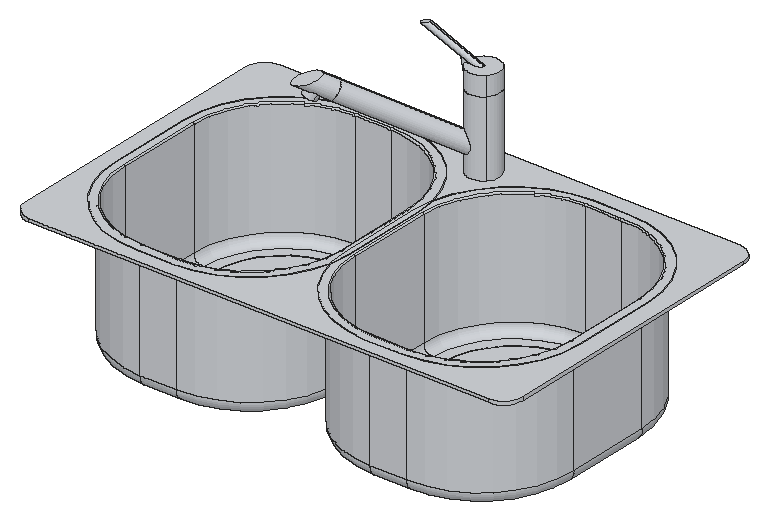
Revit family
Parameters (values of type "780 x 500mm")
  Tap Material = none
  Material = none
  Manufacturer = "Revit"
  Description = "Sink"
  Assembly Code = ""
Reference planes
  plane 1 "Center (Front/Back)": y = 0
  plane 2: z = 0
  plane 3 "Center (Left/Right)": x = 0
  plane 4: z = 850
Forms (mm)
  Extrusion 1, solid
    sketch origin (0, 0, 650) x (1, 0, 0) y (0, 1, 0)
      loop
        line (-395.998, 220.228) -> (-395.998, -219.772)
        arc (-395.998, -219.772) -> (-387.211, -240.985) -> (-365.998, -249.772) r 30
        line (-365.998, -249.772) -> (365.998, -249.772)
        arc (365.998, -249.772) -> (387.211, -240.985) -> (395.998, -219.772) r 30
        line (395.998, -219.772) -> (395.998, 220.228)
        arc (395.998, 220.228) -> (387.211, 241.441) -> (365.998, 250.228) r 30
        line (365.998, 250.228) -> (-365.998, 250.228)
        arc (-365.998, 250.228) -> (-387.211, 241.441) -> (-395.998, 220.228) r 30
      loop
        arc (39.937, 178.66) -> (13.03, 142.527) -> (-2.585, 100.268) r 158
        arc (-2.585, 100.268) -> (-18.201, 142.527) -> (-45.108, 178.66) r 158
        arc (-45.108, 178.66) -> (-96.454, 213.095) -> (-157.084, 225.191) r 158
        line (-157.084, 225.191) -> (-214.885, 225.191)
        arc (-214.885, 225.191) -> (-326.608, 178.914) -> (-372.885, 67.191) r 158
        line (-372.885, 67.191) -> (-372.885, -69.583)
        arc (-372.885, -69.583) -> (-326.608, -181.306) -> (-214.885, -227.583) r 158
        line (-214.885, -227.583) -> (-157.084, -227.583)
        arc (-157.084, -227.583) -> (-96.454, -215.488) -> (-45.108, -181.052) r 158
        arc (-45.108, -181.052) -> (-18.201, -144.919) -> (-2.585, -102.661) r 158
        arc (-2.585, -102.661) -> (13.03, -144.919) -> (39.937, -181.052) r 158
        arc (39.937, -181.052) -> (91.284, -215.488) -> (151.914, -227.583) r 158
        line (151.914, -227.583) -> (209.714, -227.583)
        arc (209.714, -227.583) -> (321.437, -181.306) -> (367.714, -69.583) r 158
        line (367.714, -69.583) -> (367.714, 67.191)
        arc (367.714, 67.191) -> (321.437, 178.914) -> (209.714, 225.191) r 158
        line (209.714, 225.191) -> (151.914, 225.191)
        arc (151.914, 225.191) -> (91.284, 213.095) -> (39.937, 178.66) r 158
    from 195 to 200
  Extrusion 2, solid
    sketch origin (0, 0, 650) x (1, 0, 0) y (0, 1, 0)
      loop
        arc (-325.184, -69.583) -> (-292.878, -147.577) -> (-214.885, -179.883) r 110.3
        line (-214.885, -179.883) -> (-157.084, -179.883)
        arc (-157.084, -179.883) -> (-79.09, -147.577) -> (-46.784, -69.583) r 110.3
        line (-46.784, -69.583) -> (-46.784, 67.191)
        arc (-46.784, 67.191) -> (-79.09, 145.185) -> (-157.084, 177.491) r 110.3
        line (-157.084, 177.491) -> (-214.885, 177.491)
        arc (-214.885, 177.491) -> (-292.878, 145.185) -> (-325.184, 67.191) r 110.3
        line (-325.184, 67.191) -> (-325.184, -69.583)
      loop
        circle (-185.984, 113.214) r 47.433
    from -5 to 0
  Extrusion 3, solid
    sketch origin (366.798, 0, 650) x (1, 0, 0) y (0, 1, 0)
      loop
        arc (-325.184, -69.583) -> (-292.878, -147.577) -> (-214.885, -179.883) r 110.3
        line (-214.885, -179.883) -> (-157.084, -179.883)
        arc (-157.084, -179.883) -> (-79.09, -147.577) -> (-46.784, -69.583) r 110.3
        line (-46.784, -69.583) -> (-46.784, 67.191)
        arc (-46.784, 67.191) -> (-79.09, 145.185) -> (-157.084, 177.491) r 110.3
        line (-157.084, 177.491) -> (-214.885, 177.491)
        arc (-214.885, 177.491) -> (-292.878, 145.185) -> (-325.184, 67.191) r 110.3
        line (-325.184, 67.191) -> (-325.184, -69.583)
      loop
        circle (-185.984, 113.214) r 47.433
    from -5 to 0
  Sweep 4, solid
    path origin (366.798, 0, 650) x (1, 0, 0) y (0, 1, 0)
      loop
        arc (-354.885, -69.583) -> (-313.88, -168.578) -> (-214.885, -209.583) r 140
        line (-214.885, -209.583) -> (-157.084, -209.583)
        arc (-157.084, -209.583) -> (-58.089, -168.578) -> (-17.084, -69.583) r 140
        line (-17.084, -69.583) -> (-17.084, 67.191)
        arc (-17.084, 67.191) -> (-58.089, 166.186) -> (-157.084, 207.191) r 140
        line (-157.084, 207.191) -> (-214.885, 207.191)
        arc (-214.885, 207.191) -> (-313.88, 166.186) -> (-354.885, 67.191) r 140
        line (-354.885, 67.191) -> (-354.885, -69.583)
    profile origin (0, -1.196, 0) x (-1, 0, 0) y (0, 0, 1)
      loop
        line (6.086, 850) -> (-6.925, 850)
        arc (-6.925, 850) -> (-8.331, 849.417) -> (-8.914, 848.011) r 1.989
        line (-8.914, 848.011) -> (-8.914, 665)
        arc (-8.914, 665) -> (-13.307, 654.393) -> (-23.914, 650) r 15
        line (-23.914, 650) -> (-41.614, 650) -> (-41.614, 645) -> (-23.914, 645)
        arc (-23.914, 645) -> (-9.771, 650.858) -> (-3.914, 665) r 20
        line (-3.914, 665) -> (-3.914, 845) -> (6.086, 845) -> (6.086, 850)
  Sweep 5, solid
    path origin (0, 0, 1300) x (1, 0, 0) y (0, 1, 0)
      loop
        arc (-354.885, -69.583) -> (-313.88, -168.578) -> (-214.885, -209.583) r 140
        line (-214.885, -209.583) -> (-157.084, -209.583)
        arc (-157.084, -209.583) -> (-58.089, -168.578) -> (-17.084, -69.583) r 140
        line (-17.084, -69.583) -> (-17.084, 67.191)
        arc (-17.084, 67.191) -> (-58.089, 166.186) -> (-157.084, 207.191) r 140
        line (-157.084, 207.191) -> (-214.885, 207.191)
        arc (-214.885, 207.191) -> (-313.88, 166.186) -> (-354.885, 67.191) r 140
        line (-354.885, 67.191) -> (-354.885, -69.583)
    profile origin (0, -1.196, 0) x (-1, 0, 0) y (0, 0, 1)
      loop
        line (372.885, 850) -> (359.874, 850)
        arc (359.874, 850) -> (358.467, 849.417) -> (357.885, 848.011) r 1.989
        line (357.885, 848.011) -> (357.885, 665)
        arc (357.885, 665) -> (353.491, 654.393) -> (342.885, 650) r 15
        line (342.885, 650) -> (325.184, 650) -> (325.184, 645) -> (342.885, 645)
        arc (342.885, 645) -> (357.027, 650.858) -> (362.885, 665) r 20
        line (362.885, 665) -> (362.885, 845) -> (372.885, 845) -> (372.885, 850)
Lines and regions (mm)
  symbolic lines
    curve 1: line (-365.998, 250, 0) -> (365.998, 250, 0)
    curve 2: arc (365.998, 250, 0) -> (387.211, 241.213, 0) -> (395.998, 220, 0) r 30
    curve 3: line (395.998, 220, 0) -> (395.998, -220, 0)
    curve 4: arc (395.998, -220, 0) -> (387.211, -241.213, 0) -> (365.998, -250, 0) r 30
    curve 5: line (365.998, -250, 0) -> (-365.998, -250, 0)
    curve 6: arc (-365.998, -250, 0) -> (-387.211, -241.213, 0) -> (-395.998, -220, 0) r 30
    curve 7: line (-395.998, -220, 0) -> (-395.998, 220, 0)
    curve 8: arc (-395.998, 220, 0) -> (-387.211, 241.213, 0) -> (-365.998, 250, 0) r 30
    curve 9: line (-365.998, 235, 0) -> (365.998, 235, 0)
    curve 10: arc (365.998, 235, 0) -> (376.605, 230.607, 0) -> (380.998, 220, 0) r 15
    curve 11: line (380.998, 220, 0) -> (380.998, -220, 0)
    curve 12: arc (380.998, -220, 0) -> (376.605, -230.607, 0) -> (365.998, -235, 0) r 15
    curve 13: line (365.998, -235, 0) -> (-365.998, -235, 0)
    curve 14: arc (-365.998, -235, 0) -> (-376.605, -230.607, 0) -> (-380.998, -220, 0) r 15
    curve 15: line (-380.998, -220, 0) -> (-380.998, 220, 0)
    curve 16: arc (-380.998, 220, 0) -> (-376.605, 230.607, 0) -> (-365.998, 235, 0) r 15
    curve 17: arc (-214.885, 225.191, 0) -> (-326.608, 178.914, 0) -> (-372.885, 67.191, 0) r 158
    curve 18: line (-372.885, 67.191, 0) -> (-372.885, -69.583, 0)
    curve 19: arc (-372.885, -69.583, 0) -> (-326.608, -181.306, 0) -> (-214.885, -227.583, 0) r 158
    curve 20: line (-214.885, -227.583, 0) -> (-157.084, -227.583, 0)
    curve 21: arc (-157.084, -227.583, 0) -> (-96.454, -215.488, 0) -> (-45.108, -181.052, 0) r 158
    curve 22: arc (-45.108, -181.052, 0) -> (-2.585, -163.382, 0) -> (39.937, -181.052, 0) r 60
    curve 23: arc (39.937, -181.052, 0) -> (91.284, -215.488, 0) -> (151.914, -227.583, 0) r 158
    curve 24: line (151.914, -227.583, 0) -> (209.714, -227.583, 0)
    curve 25: arc (209.714, -227.583, 0) -> (321.437, -181.306, 0) -> (367.714, -69.583, 0) r 158
    curve 26: line (367.714, -69.583, 0) -> (367.714, 67.191, 0)
    curve 27: arc (367.714, 67.191, 0) -> (321.437, 178.914, 0) -> (209.714, 225.191, 0) r 158
    curve 28: line (209.714, 225.191, 0) -> (151.914, 225.191, 0)
    curve 29: arc (151.914, 225.191, 0) -> (91.284, 213.095, 0) -> (39.937, 178.66, 0) r 158
    curve 30: arc (39.937, 178.66, 0) -> (-2.585, 160.99, 0) -> (-45.108, 178.66, 0) r 60
    curve 31: arc (-45.108, 178.66, 0) -> (-96.454, 213.095, 0) -> (-157.084, 225.191, 0) r 158
    curve 32: line (-157.084, 225.191, 0) -> (-214.885, 225.191, 0)
    curve 33: arc (-214.885, 207.191, 0) -> (-313.88, 166.186, 0) -> (-354.885, 67.191, 0) r 140
    curve 34: line (-354.885, 67.191, 0) -> (-354.885, -69.583, 0)
    curve 35: arc (-354.885, -69.583, 0) -> (-313.88, -168.578, 0) -> (-214.885, -209.583, 0) r 140
    curve 36: line (-214.885, -209.583, 0) -> (-157.084, -209.583, 0)
    curve 37: arc (-157.084, -209.583, 0) -> (-58.089, -168.578, 0) -> (-17.084, -69.583, 0) r 140
    curve 38: line (-17.084, -69.583, 0) -> (-17.084, 67.191, 0)
    curve 39: arc (-17.084, 67.191, 0) -> (-58.089, 166.186, 0) -> (-157.084, 207.191, 0) r 140
    curve 40: line (-157.084, 207.191, 0) -> (-214.885, 207.191, 0)
    curve 41: arc (151.914, 207.191, 0) -> (52.919, 166.186, 0) -> (11.914, 67.191, 0) r 140
    curve 42: line (11.914, 67.191, 0) -> (11.914, -69.583, 0)
    curve 43: arc (11.914, -69.583, 0) -> (52.919, -168.578, 0) -> (151.914, -209.583, 0) r 140
    curve 44: line (151.914, -209.583, 0) -> (209.714, -209.583, 0)
    curve 45: arc (209.714, -209.583, 0) -> (308.709, -168.578, 0) -> (349.714, -69.583, 0) r 140
    curve 46: line (349.714, -69.583, 0) -> (349.714, 67.191, 0)
    curve 47: arc (349.714, 67.191, 0) -> (308.709, 166.186, 0) -> (209.714, 207.191, 0) r 140
    curve 48: line (209.714, 207.191, 0) -> (151.914, 207.191, 0)
    curve 49: arc (240.67, 113.214, 0) -> (180.814, 173.07, 0) -> (120.958, 113.214, 0) r 59.856
    curve 50: arc (120.958, 113.214, 0) -> (180.814, 53.358, 0) -> (240.67, 113.214, 0) r 59.856
    curve 51: arc (228.247, 113.214, 0) -> (180.814, 160.647, 0) -> (133.381, 113.214, 0) r 47.433
    curve 52: arc (133.381, 113.214, 0) -> (180.814, 65.781, 0) -> (228.247, 113.214, 0) r 47.433
    curve 53: line (180.814, 131.273, 0) -> (180.814, 187.707, 0)
    curve 54: line (198.873, 113.214, 0) -> (255.307, 113.214, 0)
    curve 55: line (180.814, 95.155, 0) -> (180.814, 38.721, 0)
    curve 56: line (162.755, 113.214, 0) -> (106.321, 113.214, 0)
    curve 57: arc (-126.128, 113.214, 0) -> (-185.984, 173.07, 0) -> (-245.841, 113.214, 0) r 59.856
    curve 58: arc (-245.841, 113.214, 0) -> (-185.984, 53.358, 0) -> (-126.128, 113.214, 0) r 59.856
    curve 59: arc (-138.551, 113.214, 0) -> (-185.984, 160.647, 0) -> (-233.418, 113.214, 0) r 47.433
    curve 60: arc (-233.418, 113.214, 0) -> (-185.984, 65.781, 0) -> (-138.551, 113.214, 0) r 47.433
    curve 61: line (-185.984, 131.273, 0) -> (-185.984, 187.707, 0)
    curve 62: line (-204.043, 113.214, 0) -> (-260.477, 113.214, 0)
    curve 63: line (-185.984, 95.155, 0) -> (-185.984, 38.721, 0)
    curve 64: line (-167.925, 113.214, 0) -> (-111.492, 113.214, 0)
Dimensions and locks
  aligned and locked: plane 4 to nested 1
Nested families
  nested 1: "Tap" at (-0.079, 198.125, 850) x (0.7547, -0.6561, 0) z (0, 0, 1), type "Tap"
Definition of nested family "Tap"
  Parameters
    Tap Material = none
  Reference planes
    plane 1 "Center (Front/Back)": y = 0
    plane 2: z = 0
    plane 3 "Center (Left/Right)": x = 0
    plane 4: z = 50
    plane 5: z = 150
    plane 6: through (0, 6.419, 11.669) normal (0, -0.482, -0.8762)
    plane 7 "1": through (0, 0, 0) normal (-0.7071, 0.7071, 0)
  Forms (mm)
    Extrusion 1, solid, material <- "Tap Material"
      sketch origin (0, 0, 0) x (1, 0, 0) y (0, 1, 0)
        loop
          circle (0, 0) r 25
      from 0 to 120
    Extrusion 2, solid, material <- "Tap Material"
      sketch origin (0, 0, 120) x (1, 0, 0) y (0, 1, 0)
        loop
          circle (0, 0) r 25
      from 0 to 30
    Sweep 3, solid, material <- "Tap Material"
      path origin (0, 0, 0) x (0, 1, 0) y (0, 0, 1)
        loop
          line (-7.059, 38.349) -> (-187.156, 137.42)
      profile origin (0, -111.663, 61.425) x (0, -0.481984, -0.87618) y (1, 0, 0)
        loop
          circle (-28.318, 0) r 15
    Sweep 4, solid, material <- "Tap Material"
      path origin (0, 0, 0) x (0, 1, 0) y (0, 0, 1)
        loop
          line (-188.063, 135.772) -> (-236.252, 162.281)
      profile origin (0, -225.806, 124.215) x (0, -0.481984, -0.87618) y (1, 0, 0)
        loop
          circle (-28.318, 0) r 15
    Extrusion 5, void
      sketch origin (0, 0, 0) x (0, -1, 0) y (0, 0, 1)
        loop
          line (202.737, 160.964) -> (243.482, 149.139) -> (229.023, 175.424) -> (202.737, 160.964)
      from -54.803 to 30
    Extrusion 6, solid, material <- "Tap Material"
      sketch origin (0, 6.419, 11.669) x (0, -0.87618, 0.481984) y (-1, 0, 0)
        loop
          circle (255.217, 0) r 11
      from -7.514 to 6.121
    Sweep 7, solid, material <- "Tap Material"
      path origin (0, 0, 0) x (-0.707107, -0.707107, 0) y (0, 0, 1)
        loop
          line (1.612, 146.811) -> (92.243, 189.073)
      profile origin (-72.741, -72.741, 47.97) x (0.298836, 0.298836, 0.906308) y (-0.707107, 0.707107, 0)
        loop
          circle (131.377, 0) r 5
    Extrusion 8, solid, material <- "Tap Material"
      sketch origin (0, 0, 0) x (-0.707107, -0.707107, 0) y (0, 0, 1)
        loop
          line (30.984, 158.177) -> (9.675, 150.421) -> (9.675, 133.671) -> (26.663, 133.671) -> (30.984, 158.177)
      from -4.433 to 4.388
    Extrusion 9, void
      sketch origin (0, 0, 0) x (0.707107, 0.707107, 0) y (0, 0, 1)
        loop
          line (-99.984, 182.242) -> (-73.884, 189.236) -> (-99.984, 198.735) -> (-99.984, 182.242)
      from -20.858 to 30
  Cuts and joins
    Extrusion 5, Extrusion 9 cuts Extrusion 1
    Extrusion 5, Extrusion 9 cuts Sweep 3
    joined: Extrusion 1, Sweep 3
    Extrusion 5, Extrusion 9 cuts Extrusion 2
    Extrusion 9 cuts Sweep 7
    Extrusion 9 cuts Extrusion 8
    joined: Extrusion 2, Sweep 7, Extrusion 8
    Extrusion 5, Extrusion 9 cuts Sweep 4
    Extrusion 9 cuts Extrusion 6
    joined: Sweep 4, Extrusion 6
